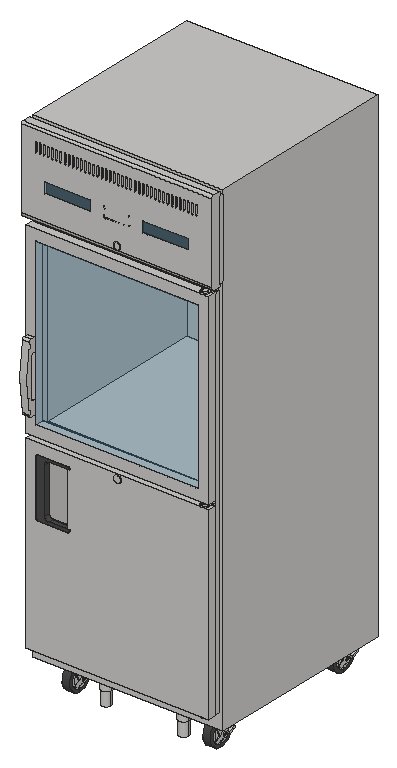
Revit family "QF_EVEREST_EGSDH2", category Specialty Equipment, Revit 2015
Parameters (values of type "QF_EVEREST_EGSDH2")
  Weight in Pounds = 356
  Watts = if(Phase = 3, Volts * FL Amps * 1.73, Volts * FL Amps)  # 870.55 W
  Volts = 115 V
  URL Cutsheet = ""
  Specification by User = ""
  Specification by Manufacturer = ""
  Show Clearance [instance] = yes
  Serial Number = ""
  Seismic Rating = ""
  SMACNA No = ""
  Revision Code = ""
  Refrigerant Volume = 0.00 kip
  Refrigerant Type = "R-404A / R290"
  Phase = 1
  Number of Poles = 1
  NAFEM Spec ID Number = ""
  Model = "EGSDH2"
  Min Ckt Ampacity = 0 A
  Max Overcurrent Protection = 0 A
  Masterspec = ""
  Manufacturer = "EVEREST"
  Length = 740 mm
  Item Number = ""
  Installed By = ""
  Identify Quantity as Lot = yes
  Height = 2010 mm
  HP = "1/2"
  Furnished By = ""
  Foodservice Equipment Identifier = yes
  FL Amps = 7.57 A
  Electrical Remarks = "COMES IN R-404A AND R290 REFRIGERANT VARIANTS."
  Electric Connection Type = ""
  Elec Conn RI Height = 0 mm
  Elec Conn Connection Height = 0 mm
  Description = "UPRIGHT REACH–IN REFRIGERATOR"
  Depth = 803 mm
  Cycle = 60 Hz
  Conn Plug = "NEMA 5-15P"
  Conn Conduit = yes
  CSI MasterFormat = ""
  BTUH = 3435.0 Btu/h
  Apparent Power = 0 VA
Types (2, lengths in mm): name | Weight in Pounds | Refrigerant Type | Electrical Remarks
  QF_EVEREST_EGSDH2 | 356 | "R-404A / R290" | "COMES IN R-404A AND R290 REFRIGERANT VARIANTS."
  QF_EVEREST_EGSH2 | 342 | "R-404A" | ""
Reference planes
  plane 1 "BACK": y = 0
  plane 2: z = 0
  plane 3 "LEFT": x = 0
  plane 4 "RIGHT": x = 740
  plane 5 "FRONT": y = -803
  plane 6 "TOP": z = 2010
  plane 7 "Center Y": x = 370
  plane 8 "Center X": y = -401.5
  plane 9: y = -1491
  plane 10: z = 125
  plane 11: y = -750
  plane 12: y = -838
Forms (mm)
  Extrusion 1, solid, material "QF_Metal - Stainless - Polished"
    sketch origin (0, 0, 0) x (0, 1, 0) y (0, 0, 1)
      loop
        line (0, 2010) -> (-750, 2010) -> (-750, 125) -> (0, 125) -> (0, 2010)
    from 0 to 740
  Extrusion 2, solid, material "QF_Metal - Stainless - Polished"
    sketch origin (0, 0, 0) x (0, 1, 0) y (0, 0, 1)
      loop
        line (-765, 2010) -> (-794.973, 2010)
        arc (-794.973, 2010) -> (-800.649, 2007.649) -> (-803, 2001.973) r 8.027
        line (-803, 2001.973) -> (-803, 1691.07)
        arc (-803, 1691.07) -> (-799.172, 1681.828) -> (-789.93, 1678) r 13.07
        line (-789.93, 1678) -> (-765, 1678) -> (-765, 2010)
    from 0 to 740
  Extrusion 3, solid, material "QF_Metal - Stainless - Polished"
    sketch origin (0, 0, 0) x (0, 1, 0) y (0, 0, 1)
      loop
        line (-765, 1688.8) -> (-758.141, 1688.8)
        arc (-758.141, 1688.8) -> (-757.087, 1689.01) -> (-756.193, 1689.607) r 2.754
        line (-756.193, 1689.607) -> (-750.858, 1694.942)
        arc (-750.858, 1694.942) -> (-750.223, 1695.892) -> (-750, 1697.014) r 2.93
        line (-750, 1697.014) -> (-750, 1990.992)
        arc (-750, 1990.992) -> (-750.222, 1992.108) -> (-750.854, 1993.054) r 2.916
        line (-750.854, 1993.054) -> (-755.935, 1998.135)
        arc (-755.935, 1998.135) -> (-757.115, 1998.923) -> (-758.506, 1999.2) r 3.637
        line (-758.506, 1999.2) -> (-765, 1999.2) -> (-765, 1688.8)
    from 0 to 740
  Extrusion 4, solid, material "QF_Metal - Stainless - Polished"
    sketch origin (0, 0, 0) x (1, 0, 0) y (0, 0, 1)
      loop
        line (12.288, 931) -> (725.288, 931) -> (725.288, 1654) -> (12.288, 1654) -> (12.288, 931)
      loop
        line (725.288, 912) -> (12.288, 912) -> (12.288, 182) -> (725.288, 182) -> (725.288, 912)
      loop
        line (178.601, 651.171) -> (178.601, 861.171) -> (183.601, 861.171) -> (183.601, 866.171)
        arc (183.601, 866.171) -> (182.136, 869.706) -> (178.601, 871.171) r 5
        line (178.601, 871.171) -> (59.601, 871.171)
        arc (59.601, 871.171) -> (56.065, 869.706) -> (54.601, 866.171) r 5
        line (54.601, 866.171) -> (54.601, 646.171)
        arc (54.601, 646.171) -> (56.065, 642.635) -> (59.601, 641.171) r 5
        line (59.601, 641.171) -> (178.601, 641.171)
        arc (178.601, 641.171) -> (182.136, 642.635) -> (183.601, 646.171) r 5
        line (183.601, 646.171) -> (183.601, 651.171) -> (178.601, 651.171)
      loop
        line (686.5, 1613.5) -> (53.5, 1613.5) -> (53.5, 972) -> (686.5, 972) -> (686.5, 1613.5)
    from 765 to 800
  Extrusion 5, void
    sketch origin (0, -803, 2030) x (0, 0, -1) y (1, 0, 0)
      loop
        line (105, 61.992) -> (73, 61.992)
        arc (73, 61.992) -> (69, 57.992) -> (73, 53.992) r 4
        line (73, 53.992) -> (105, 53.992)
        arc (105, 53.992) -> (109, 57.992) -> (105, 61.992) r 4
      loop
        line (73, 69.992) -> (105, 69.992)
        arc (105, 69.992) -> (109, 73.992) -> (105, 77.992) r 4
        line (105, 77.992) -> (73, 77.992)
        arc (73, 77.992) -> (69, 73.992) -> (73, 69.992) r 4
      loop
        line (73, 85.992) -> (105, 85.992)
        arc (105, 85.992) -> (109, 89.992) -> (105, 93.992) r 4
        line (105, 93.992) -> (73, 93.992)
        arc (73, 93.992) -> (69, 89.992) -> (73, 85.992) r 4
      loop
        line (73, 101.992) -> (105, 101.992)
        arc (105, 101.992) -> (109, 105.992) -> (105, 109.992) r 4
        line (105, 109.992) -> (73, 109.992)
        arc (73, 109.992) -> (69, 105.992) -> (73, 101.992) r 4
      loop
        line (73, 117.992) -> (105, 117.992)
        arc (105, 117.992) -> (109, 121.992) -> (105, 125.992) r 4
        line (105, 125.992) -> (73, 125.992)
        arc (73, 125.992) -> (69, 121.992) -> (73, 117.992) r 4
      loop
        line (73, 133.992) -> (105, 133.992)
        arc (105, 133.992) -> (109, 137.992) -> (105, 141.992) r 4
        line (105, 141.992) -> (73, 141.992)
        arc (73, 141.992) -> (69, 137.992) -> (73, 133.992) r 4
      loop
        line (73, 149.992) -> (105, 149.992)
        arc (105, 149.992) -> (109, 153.992) -> (105, 157.992) r 4
        line (105, 157.992) -> (73, 157.992)
        arc (73, 157.992) -> (69, 153.992) -> (73, 149.992) r 4
      loop
        line (73, 165.992) -> (105, 165.992)
        arc (105, 165.992) -> (109, 169.992) -> (105, 173.992) r 4
        line (105, 173.992) -> (73, 173.992)
        arc (73, 173.992) -> (69, 169.992) -> (73, 165.992) r 4
      loop
        line (73, 181.992) -> (105, 181.992)
        arc (105, 181.992) -> (109, 185.992) -> (105, 189.992) r 4
        line (105, 189.992) -> (73, 189.992)
        arc (73, 189.992) -> (69, 185.992) -> (73, 181.992) r 4
      loop
        line (73, 197.992) -> (105, 197.992)
        arc (105, 197.992) -> (109, 201.992) -> (105, 205.992) r 4
        line (105, 205.992) -> (73, 205.992)
        arc (73, 205.992) -> (69, 201.992) -> (73, 197.992) r 4
      loop
        line (73, 213.992) -> (105, 213.992)
        arc (105, 213.992) -> (109, 217.992) -> (105, 221.992) r 4
        line (105, 221.992) -> (73, 221.992)
        arc (73, 221.992) -> (69, 217.992) -> (73, 213.992) r 4
      loop
        line (73, 229.992) -> (105, 229.992)
        arc (105, 229.992) -> (109, 233.992) -> (105, 237.992) r 4
        line (105, 237.992) -> (73, 237.992)
        arc (73, 237.992) -> (69, 233.992) -> (73, 229.992) r 4
      loop
        line (73, 245.992) -> (105, 245.992)
        arc (105, 245.992) -> (109, 249.992) -> (105, 253.992) r 4
        line (105, 253.992) -> (73, 253.992)
        arc (73, 253.992) -> (69, 249.992) -> (73, 245.992) r 4
      loop
        line (73, 261.992) -> (105, 261.992)
        arc (105, 261.992) -> (109, 265.992) -> (105, 269.992) r 4
        line (105, 269.992) -> (73, 269.992)
        arc (73, 269.992) -> (69, 265.992) -> (73, 261.992) r 4
      loop
        line (73, 277.992) -> (105, 277.992)
        arc (105, 277.992) -> (109, 281.992) -> (105, 285.992) r 4
        line (105, 285.992) -> (73, 285.992)
        arc (73, 285.992) -> (69, 281.992) -> (73, 277.992) r 4
      loop
        line (73, 293.992) -> (105, 293.992)
        arc (105, 293.992) -> (109, 297.992) -> (105, 301.992) r 4
        line (105, 301.992) -> (73, 301.992)
        arc (73, 301.992) -> (69, 297.992) -> (73, 293.992) r 4
      loop
        line (73, 309.992) -> (105, 309.992)
        arc (105, 309.992) -> (109, 313.992) -> (105, 317.992) r 4
        line (105, 317.992) -> (73, 317.992)
        arc (73, 317.992) -> (69, 313.992) -> (73, 309.992) r 4
      loop
        line (73, 325.992) -> (105, 325.992)
        arc (105, 325.992) -> (109, 329.992) -> (105, 333.992) r 4
        line (105, 333.992) -> (73, 333.992)
        arc (73, 333.992) -> (69, 329.992) -> (73, 325.992) r 4
      loop
        line (73, 341.992) -> (105, 341.992)
        arc (105, 341.992) -> (109, 345.992) -> (105, 349.992) r 4
        line (105, 349.992) -> (73, 349.992)
        arc (73, 349.992) -> (69, 345.992) -> (73, 341.992) r 4
      loop
        line (73, 357.992) -> (105, 357.992)
        arc (105, 357.992) -> (109, 361.992) -> (105, 365.992) r 4
        line (105, 365.992) -> (73, 365.992)
        arc (73, 365.992) -> (69, 361.992) -> (73, 357.992) r 4
      loop
        arc (105, 678.008) -> (109, 682.008) -> (105, 686.008) r 4
        line (105, 686.008) -> (73, 686.008)
        arc (73, 686.008) -> (69, 682.008) -> (73, 678.008) r 4
        line (73, 678.008) -> (105, 678.008)
      loop
        arc (73, 670.008) -> (69, 666.008) -> (73, 662.008) r 4
        line (73, 662.008) -> (105, 662.008)
        arc (105, 662.008) -> (109, 666.008) -> (105, 670.008) r 4
        line (105, 670.008) -> (73, 670.008)
      loop
        arc (73, 654.008) -> (69, 650.008) -> (73, 646.008) r 4
        line (73, 646.008) -> (105, 646.008)
        arc (105, 646.008) -> (109, 650.008) -> (105, 654.008) r 4
        line (105, 654.008) -> (73, 654.008)
      loop
        arc (73, 638.008) -> (69, 634.008) -> (73, 630.008) r 4
        line (73, 630.008) -> (105, 630.008)
        arc (105, 630.008) -> (109, 634.008) -> (105, 638.008) r 4
        line (105, 638.008) -> (73, 638.008)
      loop
        arc (73, 622.008) -> (69, 618.008) -> (73, 614.008) r 4
        line (73, 614.008) -> (105, 614.008)
        arc (105, 614.008) -> (109, 618.008) -> (105, 622.008) r 4
        line (105, 622.008) -> (73, 622.008)
      loop
        arc (73, 606.008) -> (69, 602.008) -> (73, 598.008) r 4
        line (73, 598.008) -> (105, 598.008)
        arc (105, 598.008) -> (109, 602.008) -> (105, 606.008) r 4
        line (105, 606.008) -> (73, 606.008)
      loop
        arc (73, 590.008) -> (69, 586.008) -> (73, 582.008) r 4
        line (73, 582.008) -> (105, 582.008)
        arc (105, 582.008) -> (109, 586.008) -> (105, 590.008) r 4
        line (105, 590.008) -> (73, 590.008)
      loop
        arc (73, 574.008) -> (69, 570.008) -> (73, 566.008) r 4
        line (73, 566.008) -> (105, 566.008)
        arc (105, 566.008) -> (109, 570.008) -> (105, 574.008) r 4
        line (105, 574.008) -> (73, 574.008)
      loop
        arc (73, 558.008) -> (69, 554.008) -> (73, 550.008) r 4
        line (73, 550.008) -> (105, 550.008)
        arc (105, 550.008) -> (109, 554.008) -> (105, 558.008) r 4
        line (105, 558.008) -> (73, 558.008)
      loop
        arc (73, 542.008) -> (69, 538.008) -> (73, 534.008) r 4
        line (73, 534.008) -> (105, 534.008)
        arc (105, 534.008) -> (109, 538.008) -> (105, 542.008) r 4
        line (105, 542.008) -> (73, 542.008)
      loop
        arc (73, 526.008) -> (69, 522.008) -> (73, 518.008) r 4
        line (73, 518.008) -> (105, 518.008)
        arc (105, 518.008) -> (109, 522.008) -> (105, 526.008) r 4
        line (105, 526.008) -> (73, 526.008)
      loop
        arc (73, 510.008) -> (69, 506.008) -> (73, 502.008) r 4
        line (73, 502.008) -> (105, 502.008)
        arc (105, 502.008) -> (109, 506.008) -> (105, 510.008) r 4
        line (105, 510.008) -> (73, 510.008)
      loop
        arc (73, 494.008) -> (69, 490.008) -> (73, 486.008) r 4
        line (73, 486.008) -> (105, 486.008)
        arc (105, 486.008) -> (109, 490.008) -> (105, 494.008) r 4
        line (105, 494.008) -> (73, 494.008)
      loop
        arc (73, 478.008) -> (69, 474.008) -> (73, 470.008) r 4
        line (73, 470.008) -> (105, 470.008)
        arc (105, 470.008) -> (109, 474.008) -> (105, 478.008) r 4
        line (105, 478.008) -> (73, 478.008)
      loop
        arc (73, 462.008) -> (69, 458.008) -> (73, 454.008) r 4
        line (73, 454.008) -> (105, 454.008)
        arc (105, 454.008) -> (109, 458.008) -> (105, 462.008) r 4
        line (105, 462.008) -> (73, 462.008)
      loop
        arc (73, 446.008) -> (69, 442.008) -> (73, 438.008) r 4
        line (73, 438.008) -> (105, 438.008)
        arc (105, 438.008) -> (109, 442.008) -> (105, 446.008) r 4
        line (105, 446.008) -> (73, 446.008)
      loop
        arc (73, 430.008) -> (69, 426.008) -> (73, 422.008) r 4
        line (73, 422.008) -> (105, 422.008)
        arc (105, 422.008) -> (109, 426.008) -> (105, 430.008) r 4
        line (105, 430.008) -> (73, 430.008)
      loop
        arc (73, 414.008) -> (69, 410.008) -> (73, 406.008) r 4
        line (73, 406.008) -> (105, 406.008)
        arc (105, 406.008) -> (109, 410.008) -> (105, 414.008) r 4
        line (105, 414.008) -> (73, 414.008)
      loop
        arc (73, 398.008) -> (69, 394.008) -> (73, 390.008) r 4
        line (73, 390.008) -> (105, 390.008)
        arc (105, 390.008) -> (109, 394.008) -> (105, 398.008) r 4
        line (105, 398.008) -> (73, 398.008)
      loop
        arc (73, 382.008) -> (69, 378.008) -> (73, 374.008) r 4
        line (73, 374.008) -> (105, 374.008)
        arc (105, 374.008) -> (109, 378.008) -> (105, 382.008) r 4
        line (105, 382.008) -> (73, 382.008)
      loop
        line (200.062, 321) -> (204.496, 321)
        arc (204.496, 321) -> (208.032, 322.464) -> (209.496, 326) r 5
        line (209.496, 326) -> (209.496, 413.992)
        arc (209.496, 413.992) -> (208.032, 417.528) -> (204.496, 418.992) r 5
        line (204.496, 418.992) -> (200.062, 418.992)
        arc (200.062, 418.992) -> (203.599, 417.523) -> (205.063, 413.988) r 5
        line (205.063, 413.988) -> (205.063, 326.004)
        arc (205.063, 326.004) -> (203.598, 322.469) -> (200.062, 321) r 5
      loop
        line (233.068, 321) -> (237.502, 321)
        arc (237.502, 321) -> (241.038, 322.464) -> (242.502, 326) r 5
        line (242.502, 326) -> (242.502, 413.992)
        arc (242.502, 413.992) -> (241.038, 417.528) -> (237.502, 418.992) r 5
        line (237.502, 418.992) -> (233.068, 418.992)
        arc (233.068, 418.992) -> (236.604, 417.523) -> (238.068, 413.988) r 5
        line (238.068, 413.988) -> (238.068, 326.004)
        arc (238.068, 326.004) -> (236.604, 322.469) -> (233.068, 321) r 5
      loop
        arc (238.504, 469.75) -> (239.916, 470.335) -> (240.501, 471.747) r 1.997
        line (240.501, 471.747) -> (240.501, 647.256)
        arc (240.501, 647.256) -> (239.917, 648.666) -> (238.507, 649.25) r 1.994
        line (238.507, 649.25) -> (200.5, 649.25)
        arc (200.5, 649.25) -> (199.086, 648.665) -> (198.501, 647.25) r 1.997
        line (198.501, 647.25) -> (198.501, 471.75)
        arc (198.501, 471.75) -> (199.086, 470.335) -> (200.5, 469.75) r 1.997
        line (200.5, 469.75) -> (238.504, 469.75)
      loop
        line (238.504, 270.25) -> (200.5, 270.25)
        arc (200.5, 270.25) -> (199.086, 269.665) -> (198.501, 268.25) r 1.997
        line (198.501, 268.25) -> (198.501, 92.75)
        arc (198.501, 92.75) -> (199.086, 91.335) -> (200.5, 90.75) r 1.997
        line (200.5, 90.75) -> (238.507, 90.75)
        arc (238.507, 90.75) -> (239.917, 91.334) -> (240.501, 92.744) r 1.994
        line (240.501, 92.744) -> (240.501, 268.253)
        arc (240.501, 268.253) -> (239.916, 269.665) -> (238.504, 270.25) r 1.997
    from 0 to -3
  Extrusion 6, solid, material "QF_Metal - Stainless - Polished"
    sketch origin (2.005, 0, 931) x (0, -1, 0) y (-1, 0, 0)
      loop
        circle (784, -695.288) r 10
    from 0 to 5
  Extrusion 7, solid, material "QF_Metal - Stainless - Polished"
    sketch origin (2.005, 0, 931) x (0, -1, 0) y (-1, 0, 0)
      loop
        arc (789.13, -709.383) -> (798.772, -692.683) -> (784, -680.288) r 15
        line (784, -680.288) -> (750, -674.293) -> (750, -716.283) -> (789.13, -709.383)
      loop
        circle (784, -695.288) r 10
    from 0 to 2.5
  Extrusion 8, solid, material "QF_Metal - Stainless - Polished"
    sketch origin (-12.707, 0, 1654) x (1, 0, 0) y (0, 1, 0)
      loop
        circle (710, -784) r 10
    from 0 to 5
  Extrusion 9, solid, material "QF_Metal - Stainless - Polished"
    sketch origin (-12.707, 0, 1654) x (1, 0, 0) y (0, 1, 0)
      loop
        line (724.095, -789.13) -> (730.995, -750) -> (689.005, -750) -> (695, -784)
        arc (695, -784) -> (707.395, -798.772) -> (724.095, -789.13) r 15
      loop
        circle (710, -784) r 10
    from 0 to 2.5
  Revolve 10, solid, material "QF_Metal - Stainless - Polished"
    sketch origin (0, -665, 0) x (1, 0, 0) y (0, 0, 1)
      loop
        line (218.953, 0) -> (218.953, 125) -> (183.953, 125) -> (183.953, 115) -> (188.953, 115) -> (188.953, 104.5) -> (197.953, 90.5) -> (197.953, 55.5) -> (201.703, 55.5) -> (201.703, 0) -> (218.953, 0)
      axis (218.953, 0) -> (218.953, 125)
    angle from 0 to 360
  Revolve 11, solid, material "QF_Metal - Stainless - Polished"
    sketch origin (301.095, -665, 0) x (1, 0, 0) y (0, 0, 1)
      loop
        line (218.953, 0) -> (218.953, 125) -> (183.953, 125) -> (183.953, 115) -> (188.953, 115) -> (188.953, 104.5) -> (197.953, 90.5) -> (197.953, 55.5) -> (201.703, 55.5) -> (201.703, 0) -> (218.953, 0)
      axis (218.953, 0) -> (218.953, 125)
    angle from 0 to 360
  Extrusion 12, solid, material "QF_Door-Drawer Clearances", visible <- "Show Clearance", detail levels coarse
    sketch origin (0, 0, 0) x (1, 0, 0) y (0, 1, 0)
      loop
        arc (12.288, -800) -> (227.361, -1291.43) -> (725.288, -1491) r 708.011
        line (725.288, -1491) -> (725.288, -800) -> (12.288, -800)
    from 931 to 1654
  Extrusion 13, solid, material "QF_Metal - Stainless - Polished"
    sketch origin (0, 0, 1980) x (0, 0, 1) y (1, 0, 0)
      loop
        circle (-241.795, 370) r 6.35
    from 0 to 6.4
  Extrusion 14, void
    sketch origin (0, -803, 2030) x (0, 0, -1) y (1, 0, 0)
      loop
        circle (322.996, 370) r 13.25
    from 0 to -5
  Extrusion 15, solid, material "Glass"
    sketch origin (0, -798, 2030) x (0, 0, -1) y (1, 0, 0)
      loop
        line (200.5, 469.75) -> (238.504, 469.75)
        arc (238.504, 469.75) -> (239.916, 470.335) -> (240.501, 471.747) r 1.997
        line (240.501, 471.747) -> (240.501, 647.256)
        arc (240.501, 647.256) -> (239.917, 648.666) -> (238.507, 649.25) r 1.994
        line (238.507, 649.25) -> (200.5, 649.25)
        arc (200.5, 649.25) -> (199.086, 648.665) -> (198.501, 647.25) r 1.997
        line (198.501, 647.25) -> (198.501, 471.75)
        arc (198.501, 471.75) -> (199.086, 470.335) -> (200.5, 469.75) r 1.997
    from 0 to 5
  Extrusion 16, solid, material "QF_Metal - Stainless - Polished"
    sketch origin (0, -800, 2030) x (0, 0, -1) y (1, 0, 0)
      loop
        circle (322.996, 370) r 13.25
    from 0 to 3
  Extrusion 17, solid, material "QF_Metal - Stainless - Polished"
    sketch origin (0, 0, 0) x (0, 1, 0) y (0, 0, 1)
      loop
        arc (-827.452, 1267.661) -> (-838, 1141.5) -> (-827.452, 1015.339) r 759.76
        arc (-827.452, 1015.339) -> (-824.048, 1009.364) -> (-817.591, 1007) r 10
        line (-817.591, 1007) -> (-800, 1007) -> (-800, 1057) -> (-809.229, 1057)
        arc (-809.229, 1057) -> (-815.933, 1059.58) -> (-819.178, 1065.99) r 10
        arc (-819.178, 1065.99) -> (-823, 1141.5) -> (-819.178, 1217.01) r 747.76
        arc (-819.178, 1217.01) -> (-815.933, 1223.42) -> (-809.229, 1226) r 10
        line (-809.229, 1226) -> (-800, 1226) -> (-800, 1276) -> (-817.591, 1276)
        arc (-817.591, 1276) -> (-824.048, 1273.636) -> (-827.452, 1267.661) r 10
    from 22.493 to 49.493
  Extrusion 18, void
    sketch origin (0, 0, 0) x (1, 0, 0) y (0, 0, 1)
      loop
        line (53.5, 1654) -> (53.5, 961) -> (686.5, 961) -> (686.5, 1654) -> (53.5, 1654)
      loop
        line (53.5, 182) -> (686.5, 182) -> (686.5, 875) -> (53.5, 875) -> (53.5, 182)
    from 70 to 800
  Extrusion 19, solid, material "Glass"
    sketch origin (0, 0, 0) x (1, 0, 0) y (0, 0, 1)
      loop
        line (53.5, 1613.5) -> (53.5, 972) -> (686.5, 972) -> (686.5, 1613.5) -> (53.5, 1613.5)
    from 765 to 800
  Extrusion 20, solid, material "QF_Plastic - Black - Smooth"
    sketch origin (0, 0, -117.329) x (1, 0, 0) y (0, 0, 1)
      loop
        arc (59.601, 988.5) -> (56.065, 987.036) -> (54.601, 983.5) r 5
        line (54.601, 983.5) -> (54.601, 763.5)
        arc (54.601, 763.5) -> (56.065, 759.964) -> (59.601, 758.5) r 5
        line (59.601, 758.5) -> (178.601, 758.5)
        arc (178.601, 758.5) -> (182.136, 759.964) -> (183.601, 763.5) r 5
        line (183.601, 763.5) -> (183.601, 768.5) -> (102.601, 768.5)
        arc (102.601, 768.5) -> (91.994, 772.893) -> (87.601, 783.5) r 15
        line (87.601, 783.5) -> (87.601, 963.5)
        arc (87.601, 963.5) -> (91.994, 974.107) -> (102.601, 978.5) r 15
        line (102.601, 978.5) -> (183.601, 978.5) -> (183.601, 983.5)
        arc (183.601, 983.5) -> (182.136, 987.036) -> (178.601, 988.5) r 5
        line (178.601, 988.5) -> (59.601, 988.5)
    from 780 to 800
  Extrusion 21, solid, material "QF_Metal - Stainless - Polished"
    sketch origin (0, 0, 0) x (1, 0, 0) y (0, 0, 1)
      loop
        line (53.5, 1613.5) -> (53.5, 963.5) -> (686.5, 963.5) -> (686.5, 1613.5) -> (53.5, 1613.5)
      loop
        line (686.5, 213.202) -> (686.5, 863.202) -> (53.5, 863.202) -> (53.5, 213.202) -> (686.5, 213.202)
      loop
        line (725.288, 1654) -> (12.288, 1654) -> (12.288, 182) -> (725.288, 182) -> (725.288, 1654)
    from 750 to 765
  Extrusion 22, solid, material "QF_Door-Drawer Clearances", visible <- "Show Clearance", detail levels coarse
    sketch origin (0, 0, -742) x (1, 0, 0) y (0, 1, 0)
      loop
        arc (12.288, -800) -> (227.361, -1291.43) -> (725.288, -1491) r 708.011
        line (725.288, -1491) -> (725.288, -800) -> (12.288, -800)
    from 924 to 1654
  Extrusion 23, solid, material "Glass"
    sketch origin (740, -798, 2030) x (0, 0, -1) y (1, 0, 0)
      loop
        arc (200.5, -469.75) -> (199.086, -470.335) -> (198.501, -471.75) r 1.997
        line (198.501, -471.75) -> (198.501, -647.25)
        arc (198.501, -647.25) -> (199.086, -648.665) -> (200.5, -649.25) r 1.997
        line (200.5, -649.25) -> (238.507, -649.25)
        arc (238.507, -649.25) -> (239.917, -648.666) -> (240.501, -647.256) r 1.994
        line (240.501, -647.256) -> (240.501, -471.747)
        arc (240.501, -471.747) -> (239.916, -470.335) -> (238.504, -469.75) r 1.997
        line (238.504, -469.75) -> (200.5, -469.75)
    from 0 to 5
  Extrusion 24, solid, material "QF_Metal - Stainless - Polished"
    sketch origin (2.005, 0, 182) x (0, -1, 0) y (-1, 0, 0)
      loop
        circle (784, -695.288) r 10
    from 0 to 5
  Extrusion 25, solid, material "QF_Metal - Stainless - Polished"
    sketch origin (2.005, 0, 182) x (0, -1, 0) y (-1, 0, 0)
      loop
        arc (789.13, -709.383) -> (798.772, -692.683) -> (784, -680.288) r 15
        line (784, -680.288) -> (750, -674.293) -> (750, -716.283) -> (789.13, -709.383)
      loop
        circle (784, -695.288) r 10
    from 0 to 2.5
  Extrusion 26, solid, material "QF_Metal - Stainless - Polished"
    sketch origin (-12.707, 0, 912) x (1, 0, 0) y (0, 1, 0)
      loop
        circle (710, -784) r 10
    from 0 to 5
  Extrusion 27, solid, material "QF_Metal - Stainless - Polished"
    sketch origin (-12.707, 0, 912) x (1, 0, 0) y (0, 1, 0)
      loop
        line (724.095, -789.13) -> (730.995, -750) -> (689.005, -750) -> (695, -784)
        arc (695, -784) -> (707.395, -798.772) -> (724.095, -789.13) r 15
      loop
        circle (710, -784) r 10
    from 0 to 2.5
  Extrusion 28, solid, material "QF_Metal - Stainless - Polished"
    sketch origin (0.309, -800, 1216.969) x (0, 0, -1) y (1, 0, 0)
      loop
        circle (322.996, 370) r 13.25
    from -1.717 to 0.611
Cuts and joins
  Extrusion 5, Extrusion 14 cuts Extrusion 2
  Extrusion 18 cuts Extrusion 1
Lines and regions (mm)
  symbolic lines
    curve 1: line (0, 0, 0) -> (740, 0, 0)
    curve 2: line (0, -803, 0) -> (0, 0, 0)
    curve 3: line (740, -803, 0) -> (0, -803, 0)
    curve 4: line (740, 0, 0) -> (740, -803, 0)
    curve 7: line (0, -750, 0) -> (740, -750, 0)
  symbolic lines, style "QF_Door-Drawer Clearances"
    curve 5: line (725.288, -803, 0) -> (117.137, -1154.116, 0)
    curve 6: arc (12.288, -800, 0) -> (41.216, -984.015, 0) -> (117.137, -1154.116, 0) r 708.011
Dimensions and locks
  equal spacing: plane 3 "LEFT", plane 7 "Center Y", plane 4 "RIGHT"
  "Length": plane 3 "LEFT" to plane 4 "RIGHT"
  equal spacing: plane 5 "FRONT", plane 8 "Center X", plane 1 "BACK"
  "Depth": plane 5 "FRONT" to plane 1 "BACK"
  "Height": plane 6 "TOP" to level
  plane 9 to plane 1 "BACK" = 1491 mm
  plane 6 "TOP" to plane 2 = 2010 mm
  plane 10 to plane 2 = 125 mm
  plane 6 "TOP" to plane 10 = 1885 mm
  plane 5 "FRONT" to plane 1 "BACK" = 803 mm
  plane 11 to plane 1 "BACK" = 750 mm
  plane 12 to plane 5 "FRONT" = 35 mm
  Extrusion 4 sketch curve to Extrusion 4 sketch curve = 723 mm
  Extrusion 4 to Extrusion 4 = 723 mm
  Extrusion 4 to Extrusion 4 = 730 mm
  cut or joined group of Extrusion 1, Extrusion 18 to plane 1 "BACK" = 750 mm
  Extrusion 4 to Extrusion 12 = 713 mm
  aligned and locked: plane 2 to level
Automatic sketch dimensions
  plane 1 "BACK" to curve 1 = 0 mm
  curve 1 to plane 3 "LEFT" = 0 mm
  plane 5 "FRONT" to curve 5 = 0 mm
  curve 3 to plane 4 "RIGHT" = 0 mm
  curve 7 to plane 11 = 0 mm
  plane 3 "LEFT" to curve 5 = 117.137 mm
  plane 4 "RIGHT" to curve 6 = 19.905 mm
  curve 5 to plane 12 = 316.116 mm
  curve 6 to plane 5 "FRONT" = 19.992 mm
  curve 6 to plane 5 "FRONT" = 3 mm
  plane 4 "RIGHT" to curve 5 = 14.712 mm
  Extrusion 1 sketch curve to plane 6 "TOP" = 0 mm
  Extrusion 1 sketch curve to plane 11 = 0 mm
  Extrusion 1 sketch curve to plane 1 "BACK" = 0 mm
  Extrusion 1 sketch curve to plane 10 = 0 mm
  Extrusion 2 sketch curve to plane 5 "FRONT" = 0 mm
  Extrusion 2 sketch curve to plane 6 "TOP" = 0 mm
  Extrusion 2 sketch curve to plane 5 "FRONT" = 8.027 mm
  Extrusion 2 sketch curve to plane 5 "FRONT" = 13.07 mm
  Extrusion 2 sketch curve to plane 11 = 15 mm
  Extrusion 2 sketch curve to Extrusion 2 sketch curve = 310.903 mm
  Extrusion 3 sketch curve to plane 11 = 0 mm
  Extrusion 3 sketch curve to plane 11 = 0.854 mm
  Extrusion 3 sketch curve to plane 11 = 0.858 mm
  Extrusion 3 sketch curve to plane 11 = 2.916 mm
  Extrusion 3 sketch curve to plane 11 = 2.93 mm
  Extrusion 3 sketch curve to plane 11 = 5.935 mm
  Extrusion 3 sketch curve to plane 11 = 6.193 mm
  Extrusion 3 sketch curve to Extrusion 3 sketch curve = 1.947 mm
  Extrusion 3 sketch curve to Extrusion 3 sketch curve = 2.572 mm  (x2)
  Extrusion 3 sketch curve to Extrusion 3 sketch curve = 6.859 mm
  Extrusion 3 sketch curve to plane 6 "TOP" = 321.2 mm
  Extrusion 3 sketch curve to Extrusion 3 sketch curve = 0.807 mm
  Extrusion 3 sketch curve to Extrusion 3 sketch curve = 5.335 mm
  Extrusion 3 sketch curve to plane 6 "TOP" = 19.008 mm
  Extrusion 3 sketch curve to Extrusion 3 sketch curve = 4.571 mm
  plane 3 "LEFT" to Extrusion 4 sketch curve = 12.288 mm  (x2)
  plane 3 "LEFT" to Extrusion 4 sketch curve = 53.5 mm
  plane 3 "LEFT" to Extrusion 4 sketch curve = 54.601 mm
  Extrusion 4 sketch curve to Extrusion 4 sketch curve = 5 mm  (x6)
  Extrusion 4 sketch curve to Extrusion 4 sketch curve = 119 mm
  Extrusion 4 sketch curve to Extrusion 4 sketch curve = 0 mm  (x2)
  plane 4 "RIGHT" to Extrusion 4 sketch curve = 53.5 mm
  plane 4 "RIGHT" to Extrusion 4 sketch curve = 14.712 mm  (x2)
  plane 10 to Extrusion 4 sketch curve = 57 mm
  Extrusion 4 sketch curve to Extrusion 4 sketch curve = 459.171 mm
  Extrusion 4 sketch curve to Extrusion 4 sketch curve = 210 mm
  Extrusion 4 sketch curve to Extrusion 4 sketch curve = 45.829 mm
  Extrusion 4 sketch curve to Extrusion 4 sketch curve = 19 mm
  Extrusion 4 sketch curve to Extrusion 4 sketch curve = 41 mm
  Extrusion 4 sketch curve to Extrusion 4 sketch curve = 40.5 mm
  Extrusion 2 to Extrusion 5 sketch curve = 44.973 mm  (x3)
  Extrusion 5 sketch curve to Extrusion 5 sketch curve = 0 mm  (x78)
  Extrusion 5 sketch curve to Extrusion 5 sketch curve = 32 mm  (x3)
  Extrusion 5 sketch curve to Extrusion 5 sketch curve = 93.501 mm  (x2)
  Extrusion 5 sketch curve to Extrusion 5 sketch curve = 1.562 mm
  Extrusion 5 sketch curve to Extrusion 5 sketch curve = 1.563 mm
  Extrusion 5 sketch curve to Extrusion 5 sketch curve = 1.997 mm  (x7)
  Extrusion 5 sketch curve to Extrusion 5 sketch curve = 0.003 mm  (x6)
  Extrusion 5 sketch curve to Extrusion 5 sketch curve = 4.433 mm  (x2)
  Extrusion 5 sketch curve to Extrusion 5 sketch curve = 4.434 mm  (x4)
  Extrusion 5 sketch curve to Extrusion 5 sketch curve = 0.567 mm
  Extrusion 5 sketch curve to Extrusion 5 sketch curve = 23.572 mm  (x2)
  Extrusion 5 sketch curve to Extrusion 5 sketch curve = 0.566 mm
  Extrusion 5 sketch curve to Extrusion 5 sketch curve = 38.006 mm  (x2)
  Extrusion 5 sketch curve to Extrusion 5 sketch curve = 38.009 mm  (x2)
  Extrusion 5 sketch curve to Extrusion 5 sketch curve = 1.994 mm
  Extrusion 2 to Extrusion 5 sketch curve = 53.992 mm
  Extrusion 5 sketch curve to Extrusion 5 sketch curve = 4 mm  (x40)
  Extrusion 5 sketch curve to Extrusion 5 sketch curve = 8 mm  (x38)
  Extrusion 2 to Extrusion 5 sketch curve = 90.75 mm
  Extrusion 5 sketch curve to Extrusion 5 sketch curve = 1.741 mm
  Extrusion 5 sketch curve to Extrusion 5 sketch curve = 50.75 mm
  Extrusion 5 sketch curve to Extrusion 5 sketch curve = 5 mm
  Extrusion 5 sketch curve to Extrusion 5 sketch curve = 0.004 mm  (x4)
  Extrusion 5 sketch curve to Extrusion 5 sketch curve = 8.017 mm
  Extrusion 5 sketch curve to Extrusion 5 sketch curve = 87.983 mm
  Extrusion 5 sketch curve to Extrusion 5 sketch curve = 50.758 mm
  Extrusion 2 to Extrusion 5 sketch curve = 92.75 mm
  Extrusion 5 sketch curve to Extrusion 5 sketch curve = 0.001 mm
  Extrusion 6 sketch curve to Extrusion 4 = 16 mm
  Extrusion 6 sketch curve to Extrusion 4 = 27.995 mm
  Extrusion 7 sketch curve to Extrusion 7 sketch curve = 0 mm  (x2)
  Extrusion 7 sketch curve to Extrusion 4 = 7 mm
  Extrusion 4 to Extrusion 7 sketch curve = 15 mm
  Extrusion 7 sketch curve to Extrusion 4 = 16 mm
  Extrusion 7 sketch curve to Extrusion 4 = 10.87 mm
  Extrusion 7 sketch curve to Extrusion 4 = 13.9 mm
  Extrusion 7 sketch curve to Extrusion 7 sketch curve = 14.095 mm
  Extrusion 7 sketch curve to Extrusion 7 sketch curve = 5.995 mm
  Extrusion 8 sketch curve to plane 5 "FRONT" = 19 mm
  plane 4 "RIGHT" to Extrusion 8 sketch curve = 42.707 mm
  Extrusion 9 sketch curve to Extrusion 9 sketch curve = 0 mm  (x2)
  Extrusion 9 sketch curve to plane 11 = 0 mm
  plane 4 "RIGHT" to Extrusion 9 sketch curve = 63.703 mm
  Extrusion 9 sketch curve to plane 5 "FRONT" = 19 mm
  Extrusion 9 sketch curve to Extrusion 9 sketch curve = 5.995 mm
  Extrusion 9 sketch curve to Extrusion 9 sketch curve = 15 mm
  Extrusion 9 sketch curve to plane 5 "FRONT" = 13.87 mm
  plane 4 "RIGHT" to Extrusion 9 sketch curve = 21.712 mm
  Revolve 10 sketch curve to plane 10 = 0 mm  (x2)
  Revolve 10 sketch curve to level = 0 mm
  plane 3 "LEFT" to Revolve 10 sketch curve = 183.953 mm
  Revolve 10 sketch curve to Revolve 10 sketch curve = 5 mm
  Revolve 10 sketch curve to Revolve 10 sketch curve = 9 mm
  Revolve 10 sketch curve to Revolve 10 sketch curve = 3.75 mm
  Revolve 10 sketch curve to Revolve 10 sketch curve = 30 mm
  level to Revolve 10 sketch curve = 55.5 mm
  Revolve 10 sketch curve to plane 10 = 34.5 mm
  Revolve 10 sketch curve to Revolve 10 sketch curve = 14 mm
  Revolve 10 sketch curve to plane 10 = 10 mm
  Revolve 10 sketch curve to Revolve 10 sketch curve = 0 mm
  Revolve 10 sketch curve to Revolve 10 sketch curve = 20 mm
  Revolve 11 sketch curve to plane 10 = 0 mm  (x2)
  Revolve 11 sketch curve to level = 0 mm
  plane 7 "Center Y" to Revolve 11 sketch curve = 115.047 mm
  Revolve 11 sketch curve to Revolve 11 sketch curve = 5 mm
  Revolve 11 sketch curve to Revolve 11 sketch curve = 9 mm
  Revolve 11 sketch curve to Revolve 11 sketch curve = 3.75 mm
  Revolve 11 sketch curve to Revolve 11 sketch curve = 30 mm
  level to Revolve 11 sketch curve = 55.5 mm
  Revolve 11 sketch curve to plane 10 = 34.5 mm
  Revolve 11 sketch curve to Revolve 11 sketch curve = 14 mm
  Revolve 11 sketch curve to plane 10 = 10 mm
  Revolve 11 sketch curve to Revolve 11 sketch curve = 0 mm
  Revolve 11 sketch curve to Revolve 11 sketch curve = 20 mm
  Extrusion 12 sketch curve to plane 9 = 0 mm
  Extrusion 12 sketch curve to plane 5 "FRONT" = 3 mm
  plane 3 "LEFT" to Extrusion 12 sketch curve = 12.288 mm
  plane 4 "RIGHT" to Extrusion 12 sketch curve = 19.905 mm
  plane 4 "RIGHT" to Extrusion 12 sketch curve = 14.712 mm
  Extrusion 13 sketch curve to Extrusion 1 = 271.795 mm
  Extrusion 1 to Extrusion 13 sketch curve = 370 mm
  Extrusion 14 sketch curve to plane 7 "Center Y" = 0 mm
  Extrusion 14 sketch curve to plane 6 "TOP" = 302.996 mm
  Extrusion 15 sketch curve to Extrusion 15 sketch curve = 1.997 mm  (x3)
  Extrusion 15 sketch curve to Extrusion 15 sketch curve = 0.003 mm  (x3)
  Extrusion 15 sketch curve to Extrusion 15 sketch curve = 38.003 mm
  Extrusion 15 sketch curve to Extrusion 15 sketch curve = 38.009 mm
  Extrusion 15 sketch curve to Extrusion 15 sketch curve = 1.994 mm
  Extrusion 15 sketch curve to Extrusion 15 sketch curve = 175.501 mm
  Extrusion 16 sketch curve to Extrusion 16 sketch curve = 0 mm  (x2)
  Extrusion 16 sketch curve to plane 7 "Center Y" = 0 mm
  Extrusion 16 sketch curve to plane 6 "TOP" = 302.996 mm
  Extrusion 16 sketch curve to Extrusion 16 sketch curve = 13.25 mm
  plane 5 "FRONT" to Extrusion 17 sketch curve = 14.591 mm  (x2)
  plane 5 "FRONT" to Extrusion 17 sketch curve = 6.229 mm  (x2)
  Extrusion 17 sketch curve to plane 5 "FRONT" = 3 mm  (x2)
  plane 1 "BACK" to Extrusion 17 sketch curve = 78.24 mm
  Extrusion 17 sketch curve to Extrusion 17 sketch curve = 3 mm
  plane 10 to Extrusion 17 sketch curve = 882 mm
  Extrusion 17 sketch curve to Extrusion 17 sketch curve = 10 mm  (x4)
  Extrusion 17 sketch curve to Extrusion 17 sketch curve = 40 mm  (x2)
  Extrusion 17 sketch curve to Extrusion 17 sketch curve = 84.5 mm
  Extrusion 17 sketch curve to Extrusion 17 sketch curve = 0 mm  (x3)
  Extrusion 17 sketch curve to Extrusion 17 sketch curve = 149 mm
  plane 3 "LEFT" to Extrusion 18 sketch curve = 53.5 mm  (x2)
  plane 4 "RIGHT" to Extrusion 18 sketch curve = 53.5 mm  (x2)
  plane 10 to Extrusion 18 sketch curve = 57 mm
  Extrusion 18 sketch curve to Extrusion 18 sketch curve = 693 mm
  Extrusion 18 sketch curve to Extrusion 18 sketch curve = 86 mm
  Extrusion 18 sketch curve to plane 6 "TOP" = 356 mm
  plane 3 "LEFT" to Extrusion 19 sketch curve = 53.5 mm
  plane 4 "RIGHT" to Extrusion 19 sketch curve = 53.5 mm
  plane 10 to Extrusion 19 sketch curve = 847 mm
  Extrusion 19 sketch curve to plane 6 "TOP" = 396.5 mm
  plane 3 "LEFT" to Extrusion 20 sketch curve = 54.601 mm
  Extrusion 20 sketch curve to Extrusion 20 sketch curve = 5 mm  (x5)
  Extrusion 20 sketch curve to Extrusion 20 sketch curve = 28 mm
  Extrusion 20 sketch curve to Extrusion 20 sketch curve = 15 mm  (x2)
  Extrusion 20 sketch curve to Extrusion 20 sketch curve = 76 mm  (x2)
  plane 10 to Extrusion 20 sketch curve = 516.171 mm
  Extrusion 20 sketch curve to Extrusion 20 sketch curve = 180 mm
  Extrusion 20 sketch curve to Extrusion 20 sketch curve = 20 mm
  plane 3 "LEFT" to Extrusion 21 sketch curve = 12.288 mm
  plane 3 "LEFT" to Extrusion 21 sketch curve = 53.5 mm
  Extrusion 21 sketch curve to Extrusion 21 sketch curve = 41.212 mm
  plane 4 "RIGHT" to Extrusion 21 sketch curve = 53.5 mm  (x2)
  plane 4 "RIGHT" to Extrusion 21 sketch curve = 14.712 mm
  plane 10 to Extrusion 21 sketch curve = 57 mm
  Extrusion 21 sketch curve to Extrusion 21 sketch curve = 31.202 mm
  Extrusion 21 sketch curve to Extrusion 21 sketch curve = 650 mm
  Extrusion 21 sketch curve to Extrusion 21 sketch curve = 100.298 mm
  Extrusion 21 sketch curve to plane 6 "TOP" = 396.5 mm
  Extrusion 21 sketch curve to Extrusion 21 sketch curve = 40.5 mm
  Extrusion 22 sketch curve to plane 9 = 0 mm
  Extrusion 22 sketch curve to plane 5 "FRONT" = 3 mm
  plane 3 "LEFT" to Extrusion 22 sketch curve = 12.288 mm
  plane 4 "RIGHT" to Extrusion 22 sketch curve = 19.905 mm
  plane 4 "RIGHT" to Extrusion 22 sketch curve = 14.712 mm
  Extrusion 23 sketch curve to Extrusion 23 sketch curve = 1.997 mm  (x3)
  Extrusion 23 sketch curve to Extrusion 23 sketch curve = 0.003 mm  (x3)
  Extrusion 23 sketch curve to Extrusion 23 sketch curve = 38.003 mm
  Extrusion 23 sketch curve to Extrusion 23 sketch curve = 38.009 mm
  Extrusion 23 sketch curve to Extrusion 23 sketch curve = 1.994 mm
  Extrusion 23 sketch curve to Extrusion 23 sketch curve = 175.501 mm
  Extrusion 24 sketch curve to plane 5 "FRONT" = 19 mm
  plane 4 "RIGHT" to Extrusion 24 sketch curve = 42.707 mm
  Extrusion 25 sketch curve to Extrusion 25 sketch curve = 0 mm  (x2)
  Extrusion 25 sketch curve to plane 11 = 0 mm
  Extrusion 25 sketch curve to plane 5 "FRONT" = 19 mm
  Extrusion 25 sketch curve to plane 5 "FRONT" = 13.87 mm
  plane 4 "RIGHT" to Extrusion 25 sketch curve = 63.703 mm
  Extrusion 25 sketch curve to Extrusion 25 sketch curve = 5.995 mm
  Extrusion 25 sketch curve to Extrusion 25 sketch curve = 15 mm
  plane 4 "RIGHT" to Extrusion 25 sketch curve = 21.712 mm
  Extrusion 26 sketch curve to plane 5 "FRONT" = 19 mm
  plane 4 "RIGHT" to Extrusion 26 sketch curve = 42.707 mm
  Extrusion 27 sketch curve to Extrusion 27 sketch curve = 0 mm  (x2)
  Extrusion 27 sketch curve to plane 11 = 0 mm
  plane 4 "RIGHT" to Extrusion 27 sketch curve = 63.703 mm
  Extrusion 27 sketch curve to plane 5 "FRONT" = 19 mm
  Extrusion 27 sketch curve to Extrusion 27 sketch curve = 5.995 mm
  Extrusion 27 sketch curve to Extrusion 27 sketch curve = 15 mm
  Extrusion 27 sketch curve to plane 5 "FRONT" = 13.87 mm
  plane 4 "RIGHT" to Extrusion 27 sketch curve = 21.712 mm
  Extrusion 28 sketch curve to Extrusion 28 sketch curve = 0 mm  (x2)
  plane 7 "Center Y" to Extrusion 28 sketch curve = 0.309 mm
  plane 10 to Extrusion 28 sketch curve = 768.973 mm
  Extrusion 28 sketch curve to Extrusion 28 sketch curve = 13.25 mm
  radius of Extrusion 6 sketch curve = 10 mm
  radius of Extrusion 7 sketch curve = 10 mm
  radius of Extrusion 8 sketch curve = 10 mm
  radius of Extrusion 9 sketch curve = 10 mm
  radius of Extrusion 13 sketch curve = 6.35 mm
  radius of Extrusion 14 sketch curve = 13.25 mm
  radius of Extrusion 24 sketch curve = 10 mm
  radius of Extrusion 25 sketch curve = 10 mm
  radius of Extrusion 26 sketch curve = 10 mm
  radius of Extrusion 27 sketch curve = 10 mm
Nested families
  nested 1: "5 INCHES 01_CASTER" at (96.503, -682.5, 0), type "5 INCHES 01_CASTER"
    with Type Mark "", Specification by User "", Show 5" Casters yes, Revision Code "", Key Locks yes, Item Number "", Installed By "", Identify Quantity as Lot yes, Furnished By "", Foodservice Equipment Identifier yes
  nested 2: "5 INCHES 01_CASTER" at (643.497, -682.5, 0), type "5 INCHES 01_CASTER"
    with Type Mark "", Specification by User "", Show 5" Casters yes, Revision Code "", Key Locks yes, Item Number "", Installed By "", Identify Quantity as Lot yes, Furnished By "", Foodservice Equipment Identifier yes
  nested 3: "5 INCHES 01_CASTER" at (96.503, -86.049, 0), type "5 INCHES 01_CASTER"
    with Type Mark "", Specification by User "", Show 5" Casters yes, Revision Code "", Key Locks yes, Item Number "", Installed By "", Identify Quantity as Lot yes, Furnished By "", Foodservice Equipment Identifier yes
  nested 4: "5 INCHES 01_CASTER" at (643.497, -86.049, 0), type "5 INCHES 01_CASTER"
    with Type Mark "", Specification by User "", Show 5" Casters yes, Revision Code "", Key Locks yes, Item Number "", Installed By "", Identify Quantity as Lot yes, Furnished By "", Foodservice Equipment Identifier yes
Connectors
  electrical at (370, 6.4, 1738.205), driven by "Volts", driven by "Watts"
    settings: on Extrusion 13, index 1, voltage 115 V, apparent load 870.55 VA, apparent load phase1 0 VA, apparent load phase2 0 VA, apparent load phase3 0 VA, power factor 1, load classification "Other", number of poles 1, system type 30, power factor state 1, is connector primary yes, connector utility no, sub classification motor no, connector description "ELECTRICAL CONNECTION"
Definition of nested family "5 INCHES 01_CASTER"
  Parameters (values of type "5 INCHES 01_CASTER")
    Weight = ""
    URL Manufacturer = ""
    URL Cutsheet = ""
    URL = ""
    Type Mark [instance] = ""
    Specification by User [instance] = ""
    Specification by Manufacturer = ""
    Show 5" Casters [instance] = yes
    Serial Number = ""
    Seismic Rating = ""
    SMACNA No = ""
    Revision Code [instance] = ""
    Omniclass Number and Title = ""
    NAFEM Spec ID Number = ""
    Model = ""
    MasterSpec. = ""
    Manufacturer = ""
    Key Locks [instance] = yes
    Item Number [instance] = ""
    Installed By [instance] = ""
    Identify Quantity as Lot [instance] = yes
    Furnished By [instance] = ""
    Foodservice Equipment Identifier [instance] = yes
    Description = ""
    CSI MasterFormat = ""
    CSI Master Format = ""
    Assembly Code = ""
  Reference planes
    plane 1: z = 0
    plane 2 "RIGHT": x = 0
    plane 3 "FRONT": y = 0
    plane 4 "TOP": z = 125
  Forms (mm)
    Revolve 1, solid, visible <- "Show 5" Casters"
      sketch origin (-49.224, 25.364, -25.504) x (1, 0, 0) y (0, 0, 1)
        loop
          line (18.81, 76.304) -> (18.81, 74.386) -> (20.08, 73.116) -> (21.604, 73.116) -> (21.604, 70.067) -> (31.369, 70.067) -> (31.369, 65.181) -> (34.939, 63.12) -> (37.88, 44.951) -> (34.131, 44.951) -> (34.131, 38.998) -> (34.925, 38.998) -> (34.925, 25.504) -> (63.103, 25.504) -> (63.103, 38.998) -> (63.897, 38.998) -> (63.897, 44.951) -> (60.148, 44.951) -> (63.103, 63.209) -> (66.659, 65.262) -> (66.659, 70.067) -> (77.218, 70.067) -> (77.218, 73.116) -> (78.742, 73.116) -> (80.012, 74.386) -> (80.012, 76.304) -> (18.81, 76.304)
        axis (18.81, 76.304) -> (80.012, 76.304)
      angle from 0 to 360
    Extrusion 2, solid, visible <- "Show 5" Casters"
      sketch origin (-49.224, 49.87, -19.154) x (0, 1, 0) y (0, 0, 1)
        loop
          line (-85.786, 135.49) -> (-85.786, 125.149) -> (-63.321, 125.149)
          arc (-63.321, 125.149) -> (-37.391, 124.905) -> (-11.779, 120.85) r 175.807
          arc (-11.779, 120.85) -> (3.607, 115.163) -> (17.14, 105.894) r 66.729
          line (17.14, 105.894) -> (20.005, 109.985)
          arc (20.005, 109.985) -> (12.217, 116.012) -> (3.375, 120.348) r 48.686
          line (3.375, 120.348) -> (5.384, 123.823)
          arc (5.384, 123.823) -> (-4.003, 127.534) -> (-13.953, 129.229) r 48.686
          line (-13.953, 129.229) -> (-13.953, 135.49) -> (-85.786, 135.49)
      from 29.809 to 68.639
    Revolve 3, solid, visible <- "Show 5" Casters"
      sketch origin (0, 54.748, -31.75) x (0, 1, 0) y (0, 0, 1)
        loop
          line (-56.335, 156.75) -> (-56.335, 148.085) -> (-26.871, 148.085) -> (-26.871, 156.75) -> (-56.335, 156.75)
        axis (-56.335, 148.085) -> (-56.335, 156.75)
      angle from 0 to 360
    Extrusion 4, solid, visible <- "Show 5" Casters"
      sketch origin (-50.414, 49.87, -19.154) x (0, 1, 0) y (0, 0, 1)
        loop
          line (-85.786, 135.49) -> (-85.786, 125.149) -> (-79.594, 125.149)
          arc (-79.594, 125.149) -> (-54.006, 99.703) -> (-39.582, 66.626) r 96.297
          arc (-39.582, 66.626) -> (-20.695, 54.419) -> (-8.07, 73.029) r 16.082
          arc (-8.07, 73.029) -> (-0.57, 93.403) -> (17.434, 105.537) r 35.307
          line (17.434, 105.537) -> (20.005, 109.985)
          arc (20.005, 109.985) -> (12.217, 116.012) -> (3.375, 120.348) r 48.686
          line (3.375, 120.348) -> (5.384, 123.823)
          arc (5.384, 123.823) -> (-4.003, 127.534) -> (-13.953, 129.229) r 48.686
          line (-13.953, 129.229) -> (-13.953, 135.49) -> (-85.786, 135.49)
      from 69.829 to 73.87
    Extrusion 5, solid, visible <- "Show 5" Casters"
      sketch origin (50.414, 49.87, -19.154) x (0, 1, 0) y (0, 0, -1)
        loop
          line (-85.786, -135.49) -> (-13.953, -135.49) -> (-13.953, -129.229)
          arc (-13.953, -129.229) -> (-4.003, -127.534) -> (5.384, -123.823) r 48.686
          line (5.384, -123.823) -> (3.375, -120.348)
          arc (3.375, -120.348) -> (12.217, -116.012) -> (20.005, -109.985) r 48.686
          line (20.005, -109.985) -> (17.434, -105.537)
          arc (17.434, -105.537) -> (-0.57, -93.403) -> (-8.07, -73.029) r 35.307
          arc (-8.07, -73.029) -> (-20.695, -54.419) -> (-39.582, -66.626) r 16.082
          arc (-39.582, -66.626) -> (-54.006, -99.703) -> (-79.594, -125.149) r 96.297
          line (-79.594, -125.149) -> (-85.786, -125.149) -> (-85.786, -135.49)
      from 69.829 to 73.87
    Extrusion 6, solid, visible <- "Key Locks"
      sketch origin (-24.606, 52.001, -14.628) x (0, 1, 0) y (0, 0, -1)
        loop
          line (-65.658, -51.806) -> (-48.06, -61.966) -> (-38.931, -67.237)
          arc (-38.931, -67.237) -> (-36.934, -70.238) -> (-35.227, -73.414) r 38.511
          arc (-35.227, -73.414) -> (-28.855, -79.511) -> (-20.232, -81.358) r 16.169
          arc (-20.232, -81.358) -> (-17.043, -81.321) -> (-13.877, -81.702) r 24.356
          line (-13.877, -81.702) -> (5.921, -93.132) -> (10.917, -84.478)
          arc (10.917, -84.478) -> (11.804, -78.832) -> (8.674, -74.049) r 7.95
          line (8.674, -74.049) -> (5.356, -77.367)
          arc (5.356, -77.367) -> (6.116, -79.837) -> (3.628, -80.537) r 1.806
          line (3.628, -80.537) -> (-13.41, -70.697)
          arc (-13.41, -70.697) -> (-15.803, -63.781) -> (-9.299, -60.428) r 5.588
          arc (-9.299, -60.428) -> (-8.725, -59.868) -> (-8.601, -59.076) r 1.27
          arc (-8.601, -59.076) -> (-12.712, -53.586) -> (-19.178, -51.298) r 11.834
          line (-19.178, -51.298) -> (-37.992, -51.298)
          arc (-37.992, -51.298) -> (-40.049, -51.027) -> (-41.967, -50.233) r 7.95
          line (-41.967, -50.233) -> (-52.169, -44.343)
          arc (-52.169, -44.343) -> (-58.202, -43.549) -> (-63.029, -47.253) r 7.95
          line (-63.029, -47.253) -> (-65.658, -51.806)
      from 0 to 1.588
    Extrusion 7, solid, visible <- "Key Locks"
      sketch origin (-24.606, 52.001, -14.628) x (0, 1, 0) y (0, 0, -1)
        loop
          line (-11.606, -67.574) -> (11.954, -81.173)
          arc (11.954, -81.173) -> (11.253, -77.179) -> (8.674, -74.049) r 7.95
          line (8.674, -74.049) -> (-9.311, -64.367)
          arc (-9.311, -64.367) -> (-12.227, -64.705) -> (-11.606, -67.574) r 1.981
      from 0 to 12.7
    Extrusion 8, solid, visible <- "Key Locks"
      sketch origin (24.606, 52.001, -14.628) x (0, 1, 0) y (0, 0, 1)
        loop
          line (-65.658, 51.806) -> (-63.029, 47.253)
          arc (-63.029, 47.253) -> (-58.202, 43.549) -> (-52.169, 44.343) r 7.95
          line (-52.169, 44.343) -> (-41.967, 50.233)
          arc (-41.967, 50.233) -> (-40.049, 51.027) -> (-37.992, 51.298) r 7.95
          line (-37.992, 51.298) -> (-19.178, 51.298)
          arc (-19.178, 51.298) -> (-12.712, 53.586) -> (-8.601, 59.076) r 11.834
          arc (-8.601, 59.076) -> (-8.725, 59.868) -> (-9.299, 60.428) r 1.27
          arc (-9.299, 60.428) -> (-15.803, 63.781) -> (-13.41, 70.697) r 5.588
          line (-13.41, 70.697) -> (3.628, 80.537)
          arc (3.628, 80.537) -> (6.116, 79.837) -> (5.356, 77.367) r 1.806
          line (5.356, 77.367) -> (8.674, 74.049)
          arc (8.674, 74.049) -> (11.804, 78.832) -> (10.917, 84.478) r 7.95
          line (10.917, 84.478) -> (5.921, 93.132) -> (-13.877, 81.702)
          arc (-13.877, 81.702) -> (-17.043, 81.321) -> (-20.232, 81.358) r 24.356
          arc (-20.232, 81.358) -> (-28.855, 79.511) -> (-35.227, 73.414) r 16.169
          arc (-35.227, 73.414) -> (-36.934, 70.238) -> (-38.931, 67.237) r 38.511
          line (-38.931, 67.237) -> (-48.06, 61.966) -> (-65.658, 51.806)
      from 0 to 1.588
    Extrusion 9, solid, visible <- "Key Locks"
      sketch origin (24.606, 52.001, -14.628) x (0, 1, 0) y (0, 0, 1)
        loop
          arc (-11.606, 67.574) -> (-12.227, 64.705) -> (-9.311, 64.367) r 1.981
          line (-9.311, 64.367) -> (8.674, 74.049)
          arc (8.674, 74.049) -> (11.253, 77.179) -> (11.954, 81.173) r 7.95
          line (11.954, 81.173) -> (-11.606, 67.574)
      from 0 to 12.7
  Cuts and joins
    joined: Extrusion 2, Extrusion 4, Extrusion 5
  Lines and regions (mm)
    symbolic lines, visible <- "Show 5" Casters"
      curve 1: line (13.783, 56.222, 0) -> (38.186, 42.133, 0)
      curve 2: line (-37.017, -31.766, 0) -> (-17.967, 1.23, 0)
      curve 3: line (-12.614, -45.855, 0) -> (-37.017, -31.766, 0)
      curve 4: line (38.186, 42.133, 0) -> (19.136, 9.138, 0)
      curve 5: line (-5.267, 23.227, 0) -> (13.783, 56.222, 0)
      curve 6: line (6.436, -12.859, 0) -> (-12.614, -45.855, 0)
  Dimensions and locks
    plane 4 "TOP" to level = 125 mm  (x2)
    aligned and locked: level to plane 1
